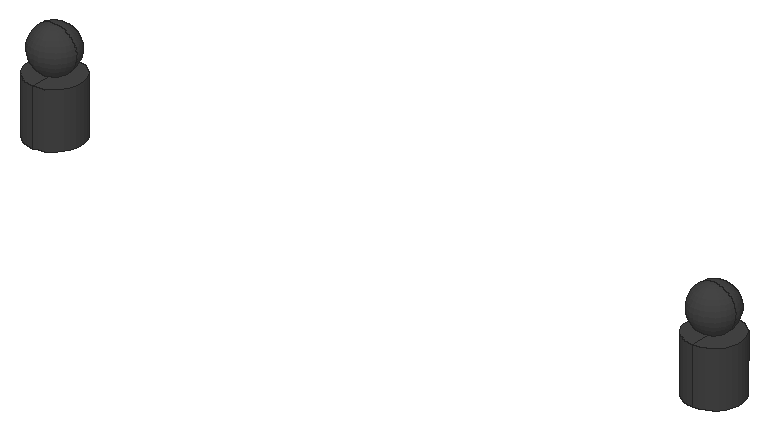
Revit family "KL-4336P70", category Lighting Fixtures, Revit 2014
Parameters (values of type "KL_4300")
  Width = 37.00"
  Wattage Comments = "default"
  Wattage = 56 W
  W2 = 18.50"
  W1 = 9.25"
  built-in parameter 1150110 = 1 (stored number, unit not read)
  Voltage = 120 V
  URL = "https://www.hubbell.com/kimlighting/en/"
  Type Comments = "Flood Light"  # constant formula
  built-in parameter 1114217 = 1 (stored number, unit not read)
  Tilt Angle = 90.00°
  built-in parameter 1150109 = 1 (stored number, unit not read)
  built-in parameter 1150134 = (empty or 0)
  built-in parameter 1150113 = 1 (stored number, unit not read)
  Series = "Sign/Wall Lighter"  # constant formula
  Radius = Diameter / 2  # 2.50"
  Product Page URL = "https://www.hubbell.com/kimlighting/en/Products/Lighting-Controls/Commercial-Outdoor-Lighting/Flood-Lighting/SignWall-Lighter/p/248291"
  Product Documentation Link = "https://hubbellcdn.com/specsheet/kl_4300_ledkit_spec.pdf"
  Power Factor = 1
  Photometric Web Link = "https://www.hubbell.com/kimlighting/en/Products/Lighting-Controls/Commercial-Outdoor-Lighting/Flood-Lighting/SignWall-Lighter/p/248291#prod-photometry-section"
  Photometric Web File = "4336p70-24l4k.ies"
  Photometric Notes = "More IES files download on Photometric Web Link"  # constant formula
  Number of Poles = 1
  Model = "Sign/Wall Lighter"  # constant formula
  MasterFormat Title = "Landscape Lighting, Site Lighting, Walkway Lighting"  # constant formula
  Manufacturer = "Kim Lighting"  # constant formula
  Lumens = 2912 lm
  built-in parameter 1150115 = 1 (stored number, unit not read)
  built-in parameter 1150105 = 231.73 (stored number, unit not read)
  Load Classification = Lighting
  built-in parameter 1150137 = (empty or 0)
  built-in parameter 1150139 = (empty or 0)
  built-in parameter 1150112 = 1 (stored number, unit not read)
  built-in parameter 1150114 = 1 (stored number, unit not read)
  Lamp = "LED"  # constant formula
  built-in parameter 1150132 = (empty or 0)
  built-in parameter 1150102 = (empty or 0)
  built-in parameter 1150138 = (empty or 0)
  built-in parameter 1150107 = 3000 (stored number, unit not read)
  built-in parameter 1150106 = 2.3173 (stored number, unit not read)
  Height = 24.00"
  Glass = Glass-KIM-Temper Molded
  Finish = Powder Coat-Kim-Black
  built-in parameter 1150104 = 4.831 (stored number, unit not read)
  Dimming Lamp Color Temperature Shift = <None>
  Diameter = 5.00"  # constant formula
  Description = "The 4300 Sign/Wall Lighter LED utilizes Kim's high performance PicoPrism optics to produce clean, smooth, illumination for sign lighting or wall wash applications. Its compact size makes it easy to conceal behind plants and shrubbery, while offering the latest in LED technology and energy efficiency."  # constant formula
  Color Filter = 16777215
  built-in parameter 1114218 = 1 (stored number, unit not read)
  built-in parameter 1150133 = 10 (stored number, unit not read)
  Assembly Code = "D5020200"
  Apparent Load = 0 VA
Reference planes (in)
  plane 1 "Light Source Axis (F/B)": y = 0
  plane 2: z = 0
  plane 3 "Light Source Axis (L/R)": x = 0
  plane 4 "Light Source Elevation": z = 32.62598
  plane 5: x = 18.5
  plane 6: x = -18.5
  plane 7: y = 4.25
  plane 8: z = 7.13
  plane 9: z = 2.25
  plane 10: x = -9.25
  plane 11: x = 9.25
Forms (in)
  Extrusion 1, solid, material "Powder Coat-Kim-Black" <- "Finish", detail levels coarse
    sketch origin (0, -1.625, -0.125) x (0, 1, 0) y (0, 0, 1)
      loop
        arc (0.05404, 4.06602) -> (3.91335, 4.33057) -> (1.03504, 6.91506) r 2.1
        line (1.03504, 6.91506) -> (0.05404, 4.06602)
    from -18.5 to 18.5
  Extrusion 2, void
    sketch origin (0, -0.58996, 6.79006) x (0, -0.325568, -0.945519) y (1, 0, 0)
      loop
        line (0.30784, -18.13215) -> (2.55784, -18.13215) -> (2.55784, 17.98785) -> (0.30784, 17.98785) -> (0.30784, -18.13215)
    from -0.26508 to 0
  Extrusion 3, solid, material "Glass-KIM-Temper Molded" <- "Glass", detail levels coarse
    sketch origin (0, -0.58996, 6.79006) x (0, -0.325568, -0.945519) y (1, 0, 0)
      loop
        line (0.30784, -18.13215) -> (2.55784, -18.13215) -> (2.55784, 17.98785) -> (0.30784, 17.98785) -> (0.30784, -18.13215)
    from -0.11827 to 0
  Revolve 4, solid, material "Powder Coat-Kim-Black" <- "Finish"
    sketch origin (-9.25, -2.0625, 0) x (0, 1, 0) y (0, 0, 1)
      loop
        line (2.06785, 0) -> (2.06785, 1.55851) -> (1.31785, 1.55851) -> (1.31785, 0) -> (2.06785, 0)
      axis (2.06785, 1.55851) -> (2.06785, 0)
    angle from 0 to 360
  Revolve 5, solid, material "Powder Coat-Kim-Black" <- "Finish"
    sketch origin (0, 0, 0) x (1, 0, 0) y (0, 0, 1)
      loop
        arc (-9.25, 1.55851) -> (-8.625, 2.18351) -> (-9.25, 2.80851) r 0.625
        line (-9.25, 2.80851) -> (-9.25, 1.55851)
      axis (-9.25, 2.80851) -> (-9.25, 1.55851)
    angle from 0 to 360
  Revolve 6, solid, material "Powder Coat-Kim-Black" <- "Finish"
    sketch origin (9.25, -2.0625, 0) x (0, 1, 0) y (0, 0, -1)
      loop
        line (2.06785, 0) -> (1.31785, 0) -> (1.31785, -1.55851) -> (2.06785, -1.55851) -> (2.06785, 0)
      axis (2.06785, -1.55851) -> (2.06785, 0)
    angle from 0 to 360
  Revolve 7, solid, material "Powder Coat-Kim-Black" <- "Finish"
    sketch origin (0, 0, 0) x (-1, 0, 0) y (0, 0, 1)
      loop
        arc (-9.25, 1.55851) -> (-8.625, 2.18351) -> (-9.25, 2.80851) r 0.625
        line (-9.25, 2.80851) -> (-9.25, 1.55851)
      axis (-9.25, 2.80851) -> (-9.25, 1.55851)
    angle from 0 to 360
Cuts and joins
  Extrusion 2 cuts Extrusion 1
  joined: Revolve 4, Revolve 5
Dimensions and locks (in)
  plane 5 to plane 6 = 37.00"
  "Width": plane 5 to plane 6
  "W1": plane 10 to plane 6
  equal spacing: plane 11, plane 3 "Light Source Axis (L/R)", plane 10
  "W2": plane 11 to plane 10
  aligned and locked: Extrusion 1 to plane 6
  aligned and locked: plane 5 to Extrusion 1
  aligned and locked: Extrusion 1 to Extrusion 2
  aligned and locked: plane 10 to Revolve 4
  aligned and locked: Revolve 5 sketch curve to plane 10
  aligned and locked: plane 11 to Revolve 6
Automatic sketch dimensions
  plane 1 "Light Source Axis (F/B)" to Extrusion 1 sketch curve = 1.57096"
  plane 1 "Light Source Axis (F/B)" to Extrusion 1 sketch curve = 0.58996"
  Extrusion 1 sketch curve to plane 1 "Light Source Axis (F/B)" = 0.30276"
  plane 9 to Extrusion 1 sketch curve = 1.69102"
  Extrusion 1 sketch curve to Extrusion 1 sketch curve = 0.94824"
  Extrusion 2 sketch curve to Extrusion 1 = 0.30784"
  Extrusion 2 sketch curve to Extrusion 1 = 0.45537"
  Extrusion 1 to Extrusion 2 sketch curve = 0.36785"
  Extrusion 1 to Extrusion 2 sketch curve = 0.51215"
  Extrusion 3 sketch curve to Extrusion 1 = 0.30784"
  Extrusion 3 sketch curve to Extrusion 1 = 0.45537"
  Extrusion 1 to Extrusion 3 sketch curve = 0.36785"
  Extrusion 1 to Extrusion 3 sketch curve = 0.51215"
  Revolve 4 sketch curve to level = 0.00"
  plane 1 "Light Source Axis (F/B)" to Revolve 4 sketch curve = 0.74465"
  Revolve 4 sketch curve to plane 1 "Light Source Axis (F/B)" = 0.00535"  (x2)
  Revolve 4 sketch curve to plane 9 = 0.69149"
  Revolve 4 sketch curve to level = 1.82748"
  plane 9 to Revolve 4 sketch curve = 1.42252"
  Revolve 6 sketch curve to level = 0.00"
  plane 1 "Light Source Axis (F/B)" to Revolve 6 sketch curve = 0.74465"
  Revolve 6 sketch curve to plane 1 "Light Source Axis (F/B)" = 0.00535"  (x2)
  Revolve 6 sketch curve to plane 9 = 0.69149"
  plane 9 to Revolve 6 sketch curve = 1.42252"
  Revolve 6 sketch curve to Revolve 6 sketch curve = 1.82748"
  Revolve 5 sketch curve to plane 10 = 0.00"
  Revolve 5 sketch curve to plane 9 = 0.69149"
  Revolve 5 sketch curve to plane 9 = 0.06649"
  Revolve 5 sketch curve to level = 19.05686"
  Revolve 5 sketch curve to plane 4 "Light Source Elevation" = 30.53725"
  Revolve 7 sketch curve to plane 11 = 0.00"  (x2)
  plane 9 to Revolve 7 sketch curve = 0.69149"
  plane 9 to Revolve 7 sketch curve = 0.06649"
  level to Revolve 7 sketch curve = 19.05686"
  plane 4 "Light Source Elevation" to Revolve 7 sketch curve = 30.53725"
Nested families (in)
  nested 1: "Notation" at (0, 4.62623, 0), type "Notation"
Connectors (in)
  electrical at (9.25, 0.00535, 0)
    settings: on Revolve 6, index 1, voltage 120 V, apparent load 56 VA, apparent load phase1 0 VA, apparent load phase2 0 VA, apparent load phase3 0 VA, power factor 1, load classification "Other", number of poles 1, system type 30, power factor state 1, is connector primary yes, connector utility no, sub classification motor no, connector description "Lighting Connector"
Definition of nested family "Notation"
  Parameters (values of type "Notation")
    Notation = "LF"
  Reference planes (in)
    plane 1: y = 0
    plane 2: x = 0
  Text (in)
    label "Notation" at (0.02149, 0.07192, 0), shows "Notation"
